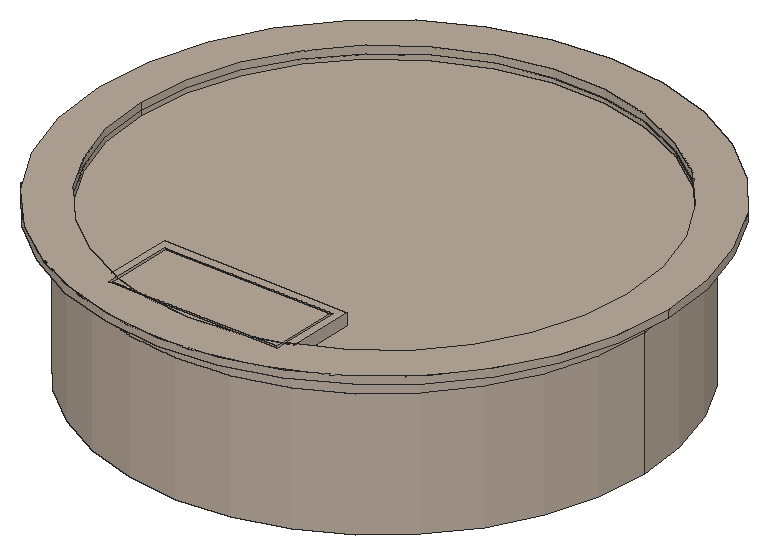
Revit family "Geräteeinsätze GES_Geräteeinsatz_GESR4_mit_Griffbügel", category Generic Models, Revit 2015
Parameters (values of type "GESR4 U 1019")
  URL = "http://www.obo-bettermann.com"
  Snur width = 75 mm
  Outer Diameter Dimension = 234 mm
  Material = Plastic RAL 1019
  Manufacturer Art. No. = "7405444"
  Manufacturer = "OBO Bettermann"
  Inner cut2 = 165 mm
  Inner cut 3 = 153 mm
  Inner cut = 200.5 mm
  Height = 61 mm
  GTIN = "4012195103738"
  Diameter dimesion = 214 mm
  Bodenbelagdicke = 5 mm
  Article Type = "GESR4 U 1019"
Types (4, lengths in mm): name | Material | Manufacturer Art. No. | GTIN | Article Type
  (no name) | Plastic RAL 1019 | "7405444" | "4012195103738" | "GESR4 U 1019"
  GESR4 U 7011 | Plastic RAL 7011 | "7405436" | "4012195103684" | "GESR4 U 7011"
  GESR4 U 9011 | Plastic RAL 9011 | "7405440" | "4012195103721" | "GESR4 U 9011"
  GESR4 U 1019 | Plastic RAL 1019 | "7405444" | "4012195103738" | "GESR4 U 1019"
Reference planes
  plane 1 "Center (Front/Back)": y = 0
  plane 2: z = 0
  plane 3 "Center (Left/Right)": x = 0
  plane 4: z = -61
  plane 5: z = 3
  plane 6: z = -2
  plane 7: x = 76.5
  plane 8: x = -76.5
  plane 9: y = -82.5
  plane 10: y = 82.5
  plane 11: y = -65.945
  plane 12: y = 65.945
  plane 13: x = -58.264
  plane 14: x = 58.264
  plane 15: z = -9
  plane 16: x = -37.5
  plane 17: x = 37.5
  plane 18: y = -66.2
  plane 19: x = -34.75
  plane 20: x = 34.75
  plane 21: y = -69.2
  plane 22: y = -98.4
  plane 23: y = -70.2
  plane 24: x = -33.75
  plane 25: x = 33.75
  plane 26: y = -97.4
Forms (mm)
  Extrusion 1, solid, material "Plastic RAL 1019" <- "Material"
    sketch origin (0, 0, 0) x (1, 0, 0) y (0, 1, 0)
      loop
        circle (0, 0) r 117
    from 0 to 3
  Extrusion 2, void
    sketch origin (0, 0, 0) x (1, 0, 0) y (0, 1, 0)
      loop
        circle (0, 0) r 100.25
    from -2 to 3
  Extrusion 3, solid, material "Plastic RAL 1019" <- "Material"
    sketch origin (0, 0, 0) x (1, 0, 0) y (0, 1, 0)
      loop
        circle (0, 0) r 107
      loop
        circle (0, 0) r 100.25
    from -2 to 0
  Extrusion 4, solid, material "Plastic RAL 1019" <- "Material"
    sketch origin (0, 0, 0) x (1, 0, 0) y (0, 1, 0)
      loop
        circle (0, 0) r 107
    from -9 to -2
  Extrusion 5, solid, material "Plastic RAL 1019" <- "Material"
    sketch origin (0, 0, 0) x (1, 0, 0) y (0, 1, 0)
      loop
        circle (0, 0) r 107
      loop
        line (58.264, -82.5) -> (76.5, -65.945) -> (76.5, 0) -> (76.5, 65.945) -> (58.264, 82.5) -> (-58.264, 82.5) -> (-76.5, 65.945) -> (-76.5, -65.945) -> (-58.264, -82.5) -> (58.264, -82.5)
    from -61 to -9
  Extrusion 6, solid, material "Plastic RAL 1019" <- "Material"
    sketch origin (0, 0, 0) x (1, 0, 0) y (0, 1, 0)
      loop
        arc (-37.5, -92.972) -> (0, -100.25) -> (37.5, -92.972) r 100.25
        line (37.5, -92.972) -> (37.5, -66.2) -> (-37.5, -66.2) -> (-37.5, -92.972)
    from -2 to 3
  Extrusion 7, void
    sketch origin (0, 0, 0) x (1, 0, 0) y (0, 1, 0)
      loop
        line (34.75, -69.2) -> (-34.75, -69.2) -> (-34.75, -98.4) -> (34.75, -98.4) -> (34.75, -69.2)
      loop
        line (33.75, -70.2) -> (-33.75, -70.2) -> (-33.75, -97.4) -> (33.75, -97.4) -> (33.75, -70.2)
    from -9 to 3
Cuts and joins
  Extrusion 2, Extrusion 7 cuts Extrusion 1
  Extrusion 7 cuts Extrusion 3
  Extrusion 7 cuts Extrusion 6
Lines and regions (mm)
  model lines
    curve 1: line (0, -82.75, -61) -> (0, -82.75, -51)
    curve 2: line (0, 82.75, -51) -> (0, 82.75, -61)
    curve 3: line (0, 82.75, -61) -> (0, 82.75, -51)
    curve 5: circle (0, 0, 0) r 117 normal (0, 0, 1)
    curve 7: circle (0, 0, 0) r 107 normal (0, 0, 1)
    curve 9: circle (0, 0, 0) r 100.25 normal (0, 0, 1)
    curve 10: line (76.5, 0, 0) -> (76.5, -65.945, 0)
    curve 11: line (58.264, -82.5, 0) -> (-58.264, -82.5, 0)
    curve 12: line (-76.5, -65.945, 0) -> (-76.5, 65.945, 0)
    curve 13: line (-58.264, 82.5, 0) -> (58.264, 82.5, 0)
    curve 14: line (-76.5, 65.945, 0) -> (-58.264, 82.5, 0)
    curve 15: line (76.5, 65.945, 0) -> (76.5, 0, 0)
    curve 16: line (76.5, 65.945, 0) -> (58.264, 82.5, 0)
    curve 17: line (-76.5, -65.945, 0) -> (-58.264, -82.5, 0)
    curve 18: line (76.5, -65.945, 0) -> (58.264, -82.5, 0)
    curve 19: line (-37.5, -92.972, 0) -> (-37.5, -66.2, 0)
    curve 20: line (-37.5, -66.2, 0) -> (37.5, -66.2, 0)
    curve 21: line (37.5, -66.2, 0) -> (37.5, -92.972, 0)
    curve 22: line (-34.75, -69.2, 0) -> (-34.75, -98.4, 0)
    curve 23: line (-34.75, -98.4, 0) -> (34.75, -98.4, 0)
    curve 24: line (34.75, -98.4, 0) -> (34.75, -69.2, 0)
    curve 25: line (34.75, -69.2, 0) -> (-34.75, -69.2, 0)
    curve 26: line (-33.75, -70.2, 0) -> (-33.75, -97.4, 0)
    curve 27: line (-33.75, -97.4, 0) -> (33.75, -97.4, 0)
    curve 28: line (33.75, -97.4, 0) -> (33.75, -70.2, 0)
    curve 29: line (33.75, -70.2, 0) -> (-33.75, -70.2, 0)
  reference lines
    curve 4: circle (0, 0, 0) r 117 normal (0, 0, 1)
    curve 6: circle (0, 0, 0) r 107 normal (0, 0, 1)
    curve 8: circle (0, 0, 0) r 100.25 normal (0, 0, 1)
Dimensions and locks
  "Height": plane 4 to level
  locked: level to plane 5 at 3
  "Bodenbelagdicke": plane 6 to plane 5
  equal spacing: plane 10, plane 1 "Center (Front/Back)", plane 9
  "Inner cut2": plane 10 to plane 9
  equal spacing: plane 8, plane 3 "Center (Left/Right)", plane 7
  "Inner cut 3": plane 8 to plane 7
  locked: plane 10 to plane 12 at 16.555
  locked: plane 11 to plane 9 at 16.555
  locked: plane 8 to plane 13 at 18.236
  locked: plane 14 to plane 7 at 18.236
  locked: plane 15 to plane 6 at 7
  equal spacing: plane 16, plane 3 "Center (Left/Right)", plane 17
  "Snur width": plane 16 to plane 17
  locked: plane 1 "Center (Front/Back)" to plane 18 at 66.2
  locked: plane 21 to plane 22 at 29.2
  equal spacing: plane 19, plane 3 "Center (Left/Right)", plane 20
  locked: plane 19 to plane 20 at 69.5
  locked: plane 26 to plane 22 at 1
  locked: plane 19 to plane 24 at 1
  locked: plane 25 to plane 20 at 1
  locked: plane 21 to plane 23 at 1
  locked: plane 18 to plane 21 at 3
  locked: Extrusion 7 to plane 3 "Center (Left/Right)" at 34.75
  "Outer Diameter Dimension": diameter of curve 4
  "Diameter dimesion": diameter of curve 6
  "Inner cut": diameter of curve 8
  aligned and locked: level to plane 2
  aligned and locked: curve 5 to curve 4
  aligned and locked: Extrusion 1 sketch curve to curve 5
  aligned and locked: Extrusion 1 to level
  aligned and locked: plane 5 to Extrusion 1
  aligned and locked: curve 7 to curve 6
  aligned and locked: curve 9 to curve 8
  aligned and locked: Extrusion 2 sketch curve to curve 9
  aligned and locked: Extrusion 2 to plane 6
  aligned and locked: plane 5 to Extrusion 2
  aligned and locked: curve 10 to plane 7
  aligned and locked: plane 9 to curve 11
  aligned and locked: plane 8 to curve 12
  aligned and locked: curve 13 to plane 10
  aligned and locked: Extrusion 3 sketch curve to curve 7
  aligned and locked: Extrusion 3 sketch curve to cut or joined group of Extrusion 1, Extrusion 2, Extrusion 7  (x2)
  aligned and locked: level to Extrusion 3
  aligned and locked: Extrusion 3 to plane 6
  aligned and locked: Extrusion 4 sketch curve to Extrusion 3  (x2)
  aligned and locked: plane 6 to Extrusion 4
  aligned and locked: plane 15 to Extrusion 4
  aligned and locked: Extrusion 5 sketch curve to Extrusion 3  (x2)
  aligned and locked: Extrusion 5 sketch curve to curve 11
  aligned and locked: Extrusion 5 sketch curve to curve 18
  aligned and locked: Extrusion 5 sketch curve to curve 10
  aligned and locked: Extrusion 5 sketch curve to curve 15
  aligned and locked: Extrusion 5 sketch curve to curve 16
  aligned and locked: Extrusion 5 sketch curve to curve 13
  aligned and locked: Extrusion 5 sketch curve to curve 14
  aligned and locked: Extrusion 5 sketch curve to curve 12
  aligned and locked: Extrusion 5 sketch curve to curve 17
  aligned and locked: Extrusion 5 to plane 4
  aligned and locked: Extrusion 5 to plane 15
  aligned and locked: curve 19 to plane 16
  aligned and locked: curve 20 to plane 18
  aligned and locked: curve 21 to plane 17
  aligned and locked: Extrusion 6 sketch curve to curve 19
  aligned and locked: Extrusion 6 sketch curve to curve 20
  aligned and locked: Extrusion 6 sketch curve to curve 21
  aligned and locked: plane 5 to Extrusion 6
  aligned and locked: Extrusion 6 to plane 6
  aligned and locked: curve 22 to plane 19
  aligned and locked: curve 23 to plane 22
  aligned and locked: plane 20 to curve 24
  aligned and locked: plane 21 to curve 25
  aligned and locked: curve 26 to plane 24
  aligned and locked: curve 27 to plane 26
  aligned and locked: plane 25 to curve 28
  aligned and locked: plane 23 to curve 29
  aligned and locked: Extrusion 7 sketch curve to curve 25
  aligned and locked: Extrusion 7 sketch curve to curve 29
  aligned and locked: Extrusion 7 sketch curve to curve 26
  aligned and locked: Extrusion 7 sketch curve to curve 22
  aligned and locked: Extrusion 7 sketch curve to curve 23
  aligned and locked: Extrusion 7 sketch curve to curve 27
  aligned and locked: Extrusion 7 sketch curve to curve 28
  aligned and locked: Extrusion 7 sketch curve to curve 24
  aligned and locked: plane 5 to Extrusion 7
  aligned and locked: plane 15 to Extrusion 7
Automatic sketch dimensions
  curve 2 to plane 4 = 0 mm
  curve 1 to plane 4 = 0 mm
  plane 1 "Center (Front/Back)" to curve 1 = 82.75 mm
  curve 2 to plane 1 "Center (Front/Back)" = 82.75 mm
  curve 2 to curve 2 = 10 mm
  curve 1 to curve 1 = 10 mm
  curve 4 to curve 8 = 0 mm  (x2)
  curve 6 to curve 8 = 0 mm  (x2)
  plane 1 "Center (Front/Back)" to curve 6 = 0 mm
  curve 6 to plane 3 "Center (Left/Right)" = 0 mm
  plane 11 to Extrusion 5 sketch curve = 0 mm
  Extrusion 5 sketch curve to plane 14 = 0 mm
  plane 1 "Center (Front/Back)" to Extrusion 5 sketch curve = 0 mm
  plane 1 "Center (Front/Back)" to Extrusion 6 sketch curve = 0 mm
  Extrusion 6 sketch curve to plane 3 "Center (Left/Right)" = 0 mm
  Extrusion 6 sketch curve to plane 9 = 10.472 mm
  curve 17 to plane 13 = 0 mm
  curve 14 to plane 13 = 0 mm
  curve 16 to plane 14 = 0 mm
  curve 18 to plane 14 = 0 mm
  curve 17 to plane 11 = 0 mm
  curve 18 to plane 11 = 0 mm
  plane 1 "Center (Front/Back)" to curve 10 = 0 mm
  curve 12 to plane 12 = 0 mm
  curve 16 to plane 12 = 0 mm
